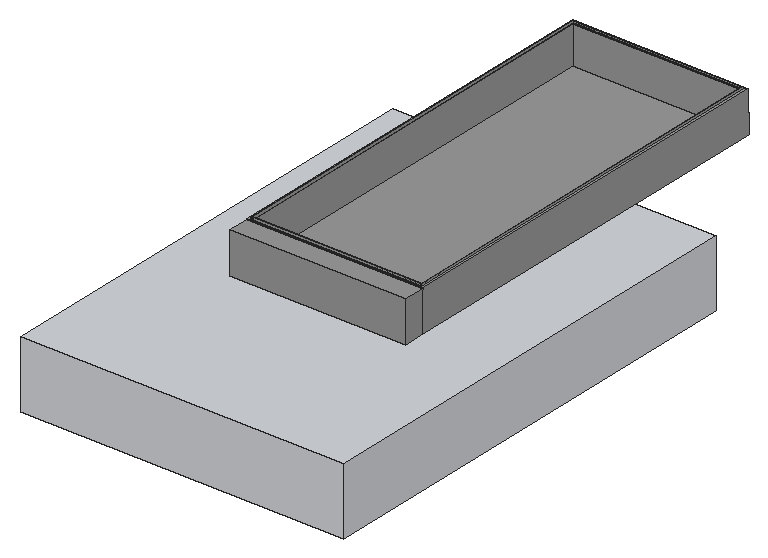
Revit family "Hager-Univers-IP30-D205-H1950-Cl.II-Encl-AT-de", category Equipement électrique, Revit 2020
Family settings
  Hôte = Face
  Configuration du panneau = Deux colonnes, circuits au sein
  Cote de connecteur circulaire = Utiliser le diamètre
  Type d'élément = Tableau de raccordement
  Couper avec des vides une fois chargée = Non
  Partagée = Non
  Point de calcul de pièce = Non
Parameters (values of type "Bodenaufstellung IP30 B800 H1950 T205  - FP23S1N")
  Width Control [instance] = if([EF000008 - Breite] > Min Width, [EF000008 - Breite], Min Width)  # 800 mm
  Commentaires du type = [HG000003 - Bereich]  # "Univers"
  Thickness Door [instance] = if([EF009171 - Materialstärke Tür/Deckel] > 3 mm, 3 mm, [EF009171 - Materialstärke Tür/Deckel])  # 1 mm
  Seal Frame Offset [instance] = 17 mm  # constant formula
  Plinth Visibility [instance] = [HG000027 - Sockelhöhe] > 0 mm  # yes
  Model = ""
  Min Width [instance] = 100 mm  # constant formula
  Min Height [instance] = 100 mm  # constant formula
  Min Depth [instance] = (2 * [EF009170 - Materialstärke Gehäuse]) + 1 mm  # 3 mm
  Internal Frame Depth [instance] = (Door System Depth * 0.5)  # 9 mm
  Height Control [instance] = if([EF000040 - Höhe] > Min Height, [EF000040 - Höhe], Min Height)  # 1950 mm
  HG000027 - Sockelhöhe = 100 mm
  HG000026 - Stehend auf dem Boden = yes
  HG000024 - Höhe des unteren Teils = 800 mm
  HG000023 - Gehäuse mit doppeltem Querschnitt = no
  HG000016 - 3D-Türsichtbarkeit [instance] = yes
  HG000015 - Sichtbarkeit der Türöffnung [instance] = no
  HG000014 - Tür rechts [instance] = yes
  HG000013 - Tür links [instance] = not([HG000014 - Tür rechts])  # no
  HG000012 - Türschwenkwinkel [instance] = 30.00°
  HG000010 - Asymmetrische Türen = no
  HG000009 - Doppelflügeligen Tür = no
  HG000006 - Unterputz = no
  HG000004 - Herstellerreferenz = "FP23S1N"
  HG000003 - Bereich = "Univers"
  HG000002 - Mit tür = no
  Frame Offset Bottom [instance] = 10 mm  # constant formula
  Frame Offset [instance] = 15 mm  # constant formula
  EF015940 - Deckel mit Überdruckentlastung = no
  EF011959 - Schutzart (NEMA) = ""
  EF009554 - Anzahl der Öffnungen für Flanschplatten = 6
  Fabricant = "Hager"  # constant formula
  EF009212 - Ausführung Deckel = "EV009916 - mit Ausschnitt"
  EF009171 - Materialstärke Tür/Deckel = 1 mm
  EF009170 - Materialstärke Gehäuse = 1 mm
  EF008873 - Nennstrom (In) = 400 A
  EF007800 - Geeignet für Blitzschutz = no
  EF006306 - Mit Schloss = no
  EF006244 - Transparenter Deckel/Tür = no
  EF005474 - Schutzart (IP) = "EV006410 - IP30"
  EF004464 - Art der Tür = "EV000494 - ohne"
  EF004427 - Anzahl der Module = 432
  EF004293 - Schlagfestigkeit = "EV006813 - IK07"
  EF003532 - Geeignet für Außengebrauch = no
  EF002950 - Breite in Teilungseinheiten = 36
  EF001613 - Funktionserhalt = "EV000494 - ohne"
  EF001596 - Werkstoff des Gehäuses = "EV000179 - Stahl"
  EF001131 - Innentiefe = 130 mm
  EF001088 - Anbaumöglichkeit = yes
  EF000437 - Anzahl der Leitungseinführungen = 6
  EF000339 - Art der Abdeckung = "EV000494 - ohne"
  EF000266 - Anzahl der Reihen = 12
  EF000218 - Einbautiefe = 0 mm
  EF000118 - Mit Montageplatte = no
  EF000116 - RAL-Nummer = "9010"
  EF000049 - Tiefe = 205 mm
  EF000040 - Höhe = 1950 mm
  EF000008 - Breite = 800 mm
  EF000007 - Farbe = "EV000202 - weiß"
  EF000003 - Montageart = "EV012274 - Bodenaufstellung"
  Door System Leaf Tolerance [instance] = 1.5 mm  # constant formula
  Door System Depth [instance] = 18 mm  # constant formula
  Door Height [instance] = Height Control - [HG000027 - Sockelhöhe]  # 1850 mm
  Depth Control [instance] = if([EF000049 - Tiefe] > Min Depth, [EF000049 - Tiefe], Min Depth)  # 205 mm
  Default Elevation = 0 mm
  Connector Offset [instance] = Height Control / 2  # 975 mm
  Bottom Top Plate Trim [instance] = 1.5 mm  # constant formula
  Plinth height Ctrl [instance] = if([HG000027 - Sockelhöhe] > 0 mm, [HG000027 - Sockelhöhe], 12 mm)  # 100 mm
Types (5, lengths in mm): name | Width Control | HG000004 - Herstellerreferenz | EF009554 - Anzahl der Öffnungen für Flanschplatten | EF008873 - Nennstrom (In) | EF004427 - Anzahl der Module | EF002950 - Breite in Teilungseinheiten | EF000437 - Anzahl der Leitungseinführungen | EF000008 - Breite
  Bodenaufstellung IP30 B1050 H1950 T205  - FP24S1N | 1050 | "FP24S1N" | 8 | 400 A | 576 | 48 | 8 | 1050
  Bodenaufstellung IP30 B1300 H1950 T205  - FP25S1N | 1300 | "FP25S1N" | 10 | 400 A | 720 | 60 | 10 | 1300
  Bodenaufstellung IP30 B300 H1950 T205  - FP21S1N | 300 | "FP21S1N" | 2 | 250 A | 144 | 12 | 2 | 300
  Bodenaufstellung IP30 B550 H1950 T205  - FP22S1N | 550 | "FP22S1N" | 4 | 400 A | 288 | 24 | 4 | 550
  Bodenaufstellung IP30 B800 H1950 T205  - FP23S1N | 800 | "FP23S1N" | 6 | 400 A | 432 | 36 | 6 | 800
Reference planes
  plane 1 "Center (Front/Back)": y = 0
  plane 2: z = 0
  plane 3 "Center (Left/Right)": x = 0
  plane 4: z = 205
  plane 5: y = 101
  plane 6: y = 1025
  plane 7: y = 100
  plane 8: y = 1950
  plane 9: z = 0
  plane 10: x = -385
  plane 11: x = 385
  plane 12: x = 384
  plane 13: x = -384
  plane 14: y = 1949
  plane 15: x = -383
  plane 16: x = -400
  plane 17: x = 383
  plane 18: x = 400
  plane 19: x = 399
  plane 20: x = -399
  plane 21: y = 111
  plane 22: y = 1950
  plane 23: y = 1934
  plane 24: z = 187
  plane 25: z = 1
  plane 26: z = 186
  plane 27: z = 204
Forms (mm)
  Extrusion 1, solid
    sketch origin (0, 0, 0) x (1, 0, 0) y (0, 1, 0)
      loop
        line (-702.964, 1305) -> (-702.964, -811.445) -> (766.763, -811.445) -> (766.763, 1305) -> (-702.964, 1305)
    from 0 to -304.8
  Extrusion 2, solid, material "Hager_Steel_RAL7035_Light_Grey", visible <- "Plinth Visibility", detail levels medium+fine
    sketch origin (0, 0, 0) x (1, 0, 0) y (0, 1, 0)
      loop
        line (-400, 0) -> (400, 0) -> (400, 100) -> (-400, 100) -> (-400, 0)
    from 0 to 187
  Extrusion 3, solid, material "Hager_Steel_RAL7035_Light_Grey", detail levels medium+fine
    sketch origin (0, 0, 0) x (1, 0, 0) y (0, 1, 0)
      loop
        line (-400, 100) -> (400, 100) -> (400, 1950) -> (-400, 1950) -> (-400, 100)
    from 0 to 187
  Extrusion 4, void
    sketch origin (0, 0, 0) x (1, 0, 0) y (0, 1, 0)
      loop
        line (-399, 101) -> (399, 101) -> (399, 1949) -> (-399, 1949) -> (-399, 101)
    from 1 to 186
  Extrusion 5, void
    sketch origin (-381.607, -4572, 187) x (0, -1, 0) y (-1, 0, 0)
      loop
        line (-4683, 2.393) -> (-6506, 2.393) -> (-6506, -765.607) -> (-4683, -765.607) -> (-4683, 2.393)
    from 0 to 1 <- "EF009170 - Materialstärke Gehäuse"
  Extrusion 6, solid, material "Hager_Steel_RAL7035_Light_Grey", detail levels fine
    sketch origin (0, 0, 187) x (1, 0, 0) y (0, 1, 0)
      loop
        line (-384, 1934) -> (-384, 111) -> (384, 111) -> (384, 1934) -> (-384, 1934)
      loop
        line (-385, 110) -> (385, 110) -> (385, 1935) -> (-385, 1935) -> (-385, 110)
    from 0 to 9 <- "Internal Frame Depth"
  Extrusion 7, solid, material "Hager_Steel_RAL7035_Light_Grey", detail levels coarse
    sketch origin (0, 0, 0) x (1, 0, 0) y (0, 1, 0)
      loop
        line (-400, 0) -> (400, 0) -> (400, 1950) -> (-400, 1950) -> (-400, 0)
    from 0 to 205
  Sweep 8, void
    path in 3D
      loop
        line (-400, 100, 0) -> (400, 100, 0) -> (400, 100, 187) -> (-400, 100, 187) -> (-400, 100, 0)
    profile origin (-400, 100, 93.5) x (-1, 0, 0) y (0, -1, 0)
      loop
        line (0, 0) -> (0, 1.5) -> (-1.5, 1.5)
        arc (-1.5, 1.5) -> (-1.061, 0.439) -> (0, 0) r 1.5
Cuts and joins
  Extrusion 4, Extrusion 5 cuts Extrusion 3
  Sweep 8 cuts Extrusion 2
Lines and regions (mm)
  Masking region 1
    outline origin (0, 0, 0) x (1, 0, 0) y (0, 0, 1)
      loop
        line (-400, 205) -> (-400, 0) -> (400, 0) -> (400, 205) -> (-400, 205)
  Masking region 2, detail levels medium+fine
    outline origin (0, 140, 0) x (0, 1, 0) y (0, 0, 1)
      loop
        line (-40, 0) -> (1810, 0) -> (1810, 187) -> (-40, 187) -> (-40, 0)
  Masking region 3, not visible, detail levels medium+fine
    outline origin (0, 297.922, 0) x (0, 1, 0) y (0, 0, 1)
      loop
        line (738.578, 0) -> (778.578, 0) -> (778.578, 194)
        arc (778.578, 194) -> (775.649, 201.071) -> (768.578, 204) r 10
        line (768.578, 204) -> (738.578, 204) -> (738.578, 0)
  Masking region 4, detail levels coarse
    outline origin (0, 0, 180) x (0, 1, 0) y (0, 0, 1)
      loop
        line (0, -180) -> (1950, -180) -> (1950, 25) -> (0, 25) -> (0, -180)
  Masking region 5, visible <- "Plinth Visibility", detail levels medium+fine
    outline origin (0, 52.24, 12.345) x (0, 0, -1) y (0, 1, 0)
      loop
        line (10.845, 47.76) -> (-173.155, 47.76)
        arc (-173.155, 47.76) -> (-173.594, 46.699) -> (-174.655, 46.26) r 1.5
        line (-174.655, 46.26) -> (-174.655, -52.24) -> (12.345, -52.24) -> (12.345, 46.26)
        arc (12.345, 46.26) -> (11.285, 46.699) -> (10.845, 47.76) r 1.5
  Masking region 6, detail levels medium+fine
    outline origin (-381.607, -4572, 187) x (-1, 0, 0) y (0, -1, 0)
      loop
        line (18.393, -6522) -> (18.393, -4672) -> (-781.607, -4672) -> (-781.607, -6522) -> (18.393, -6522)
  Masking region 7, visible <- "Plinth Visibility", detail levels medium+fine
    outline origin (-381.607, -4727, 187) x (-1, 0, 0) y (0, -1, 0)
      loop
        arc (16.893, -4827) -> (17.332, -4825.939) -> (18.393, -4825.5) r 1.5
        line (18.393, -4825.5) -> (18.393, -4727) -> (-781.607, -4727) -> (-781.607, -4825.5)
        arc (-781.607, -4825.5) -> (-780.546, -4825.939) -> (-780.107, -4827) r 1.5
        line (-780.107, -4827) -> (16.893, -4827)
  Masking region 8, detail levels coarse
    outline origin (-442.548, -4669.526, 187) x (-1, 0, 0) y (0, -1, 0)
      loop
        line (-42.548, -6619.526) -> (-42.548, -4669.526) -> (-842.548, -4669.526) -> (-842.548, -6619.526) -> (-42.548, -6619.526)
  sketch lines
    curve 1: line (-400, 100, 187) -> (-400, 100, 0)
    curve 2: line (400, 100, 187) -> (-400, 100, 187)
    curve 3: line (400, 100, 187) -> (400, 100, 0)
    curve 4: line (-400, 100, 0) -> (400, 100, 0)
Dimensions and locks
  "Depth Control": plane 4 to Extrusion 1
  "HG000027 - Sockelhöhe": plane 1 "Center (Front/Back)" to plane 7
  "EF009170 - Materialstärke Gehäuse": plane 5 to plane 7
  locked: connector elem to plane 3 "Center (Left/Right)"
  equal spacing: plane 8, plane 6, plane 7
  locked: connector elem to plane 6
  "EF009170 - Materialstärke Gehäuse": plane 8 to plane 14
  "EF009170 - Materialstärke Gehäuse": plane 10 to plane 13
  "EF009170 - Materialstärke Gehäuse": plane 12 to plane 11
  "Frame Offset": plane 20 to plane 13
  "Frame Offset": plane 12 to plane 19
  "EF009170 - Materialstärke Gehäuse": plane 16 to plane 20
  "EF009170 - Materialstärke Gehäuse": plane 19 to plane 18
  "Seal Frame Offset": plane 16 to plane 15
  "Seal Frame Offset": plane 17 to plane 18
  "Frame Offset Bottom": plane 21 to plane 5
  "Frame Offset": plane 14 to plane 23
  equal spacing: plane 16, plane 3 "Center (Left/Right)", plane 18
  "Width Control": plane 16 to plane 18
  "EF009170 - Materialstärke Gehäuse": plane 4 to plane 27
  "EF009170 - Materialstärke Gehäuse": plane 24 to plane 26
  "EF009170 - Materialstärke Gehäuse": plane 25 to level
  "Door System Depth": plane 4 to plane 24
  "Height Control": plane 1 "Center (Front/Back)" to Extrusion 7 sketch curve
  "Height Control": Masking region 4 sketch curve to plane 1 "Center (Front/Back)"
  "Height Control": plane 1 "Center (Front/Back)" to plane 22
  "Bottom Top Plate Trim": profile plane to Sweep 8 sketch curve
  "Bottom Top Plate Trim": Sweep 8 sketch curve to profile plane
  "Plinth height Ctrl": plane 1 "Center (Front/Back)" to Extrusion 2 sketch curve
  "Plinth height Ctrl": Masking region 5 sketch curve to plane 1 "Center (Front/Back)"
  "Plinth height Ctrl": plane 1 "Center (Front/Back)" to Masking region 7 sketch curve
  "Thickness Door": Extrusion 6 sketch curve to Extrusion 6 sketch curve  (x3)
  "Thickness Door": cut or joined group of Extrusion 3, Extrusion 4, Extrusion 5 to Extrusion 6 sketch curve
  radius of Masking region 3 sketch curve = 10 mm
  "Bottom Top Plate Trim": radius of Masking region 5 sketch curve  (x2)
  "Bottom Top Plate Trim": radius of Sweep 8 sketch curve
  "Bottom Top Plate Trim": radius of Masking region 7 sketch curve  (x2)
  aligned and locked: plane 2 to Extrusion 1
  aligned and locked: level to Extrusion 1
  aligned and locked: level to Masking region 1 sketch curve
  aligned and locked: Masking region 1 sketch curve to plane 18
  aligned and locked: Masking region 1 sketch curve to plane 16
  aligned and locked: plane 7 to Masking region 2 sketch curve
  aligned and locked: level to Masking region 3 sketch curve
  aligned and locked: Masking region 3 sketch curve to plane 27
  aligned and locked: level to Masking region 2 sketch curve
  aligned and locked: plane 1 "Center (Front/Back)" to Extrusion 2 sketch curve
  aligned and locked: Extrusion 3 sketch curve to plane 7
  aligned and locked: plane 16 to Extrusion 3 sketch curve
  aligned and locked: plane 18 to Extrusion 3 sketch curve
  aligned and locked: plane 20 to Extrusion 4 sketch curve
  aligned and locked: plane 19 to Extrusion 4 sketch curve
  aligned and locked: Extrusion 4 sketch curve to plane 5
  aligned and locked: Extrusion 4 to plane 25
  aligned and locked: plane 26 to Extrusion 4
  aligned and locked: plane 24 to Extrusion 3
  aligned and locked: Extrusion 5 sketch curve to plane 21
  aligned and locked: Extrusion 5 sketch curve to plane 13
  aligned and locked: Extrusion 5 sketch curve to plane 12
  aligned and locked: plane 18 to Extrusion 7 sketch curve
  aligned and locked: plane 1 "Center (Front/Back)" to Extrusion 7 sketch curve
  aligned and locked: plane 16 to Extrusion 7 sketch curve
  aligned and locked: plane 4 to Extrusion 7
  aligned and locked: Extrusion 7 to level
  aligned and locked: level to Masking region 4 sketch curve
  aligned and locked: Masking region 4 sketch curve to plane 1 "Center (Front/Back)"
  aligned and locked: Masking region 4 sketch curve to plane 4
  aligned and locked: nested 1 to level
  aligned and locked: nested 1 to plane 16
  aligned and locked: plane 8 to Extrusion 3 sketch curve
  aligned and locked: plane 23 to Extrusion 5 sketch curve
  aligned and locked: plane 14 to Extrusion 4 sketch curve
  aligned and locked: Masking region 2 sketch curve to plane 8
  aligned and locked: level to Masking region 5 sketch curve
  aligned and locked: plane 16 to Extrusion 2 sketch curve
  aligned and locked: plane 18 to Extrusion 2 sketch curve
  aligned and locked: Masking region 5 sketch curve to plane 24
  aligned and locked: Masking region 2 sketch curve to plane 24
  aligned and locked: plane 24 to Extrusion 2
  aligned and locked: profile plane to Sweep 8 sketch curve  (x2)
  aligned and locked: Masking region 6 sketch curve to plane 18
  aligned and locked: Masking region 6 sketch curve to plane 22
  aligned and locked: Masking region 6 sketch curve to plane 16
  aligned and locked: plane 8 to plane 22
  aligned and locked: Masking region 6 sketch curve to plane 7
  aligned and locked: Masking region 7 sketch curve to plane 16
  aligned and locked: Masking region 7 sketch curve to plane 1 "Center (Front/Back)"
  aligned and locked: Masking region 7 sketch curve to plane 18
  aligned and locked: Masking region 8 sketch curve to plane 1 "Center (Front/Back)"
  aligned and locked: Masking region 8 sketch curve to plane 18
  aligned and locked: Masking region 8 sketch curve to plane 22
  aligned and locked: Masking region 8 sketch curve to plane 16
  aligned and locked: nested 2 to plane 7
  aligned and locked: plane 3 "Center (Left/Right)" to nested 2
  aligned and locked: nested 2 to plane 24
  aligned and locked: Extrusion 6 sketch curve to cut or joined group of Extrusion 3, Extrusion 4, Extrusion 5  (x4)
Automatic sketch dimensions
  Extrusion 1 sketch curve to Extrusion 1 sketch curve = 1469.727 mm
  Extrusion 1 sketch curve to Extrusion 1 sketch curve = 2116.445 mm
  Masking region 1 sketch curve to plane 4 = 0 mm
  plane 6 to Masking region 3 sketch curve = 11.5 mm
  Masking region 3 sketch curve to Masking region 3 sketch curve = 30 mm
  Masking region 5 sketch curve to plane 1 "Center (Front/Back)" = 0 mm
Nested families
  nested 1: "Hager_Enclosure_Symbol" at (-400, 0, 0) x (1, 0, 0) z (0, -1, 0), Height <- "Depth Control", Width <- "Width Control", type "Hager_Enclosure_Symbol"
    with Width_Ctrl 800 mm, Width 800 mm, Height_Ctrl 205 mm, Height 205 mm, A_Width_Int 13.453 mm, A_Width 161.438 mm, A_Height_Ctrl 179.375 mm, A_Height 179.375 mm
  nested 2: "EC000058_Univers_Door" at (0, 100, 187) x (1, 0, 0) z (0, 1, 0), Leaf_Tolerance <- "Door System Leaf Tolerance", Angle <- "HG000012 - Türschwenkwinkel", Door_Depth <- "Door System Depth", Door_Left <- "HG000013 - Tür links", Transparent <- "EF006244 - Transparenter Deckel/Tür", Assymetrical <- "HG000010 - Asymmetrische Türen", Width <- "Width Control", Clearance <- "HG000015 - Sichtbarkeit der Türöffnung", Double <- "HG000009 - Doppelflügeligen Tür", 3d_Door <- "HG000016 - 3D-Türsichtbarkeit", Lock_Visibility <- "EF006306 - Mit Schloss", Width_Ctrl <- "Width Control", Door_Right <- "HG000014 - Tür rechts", Door <- "HG000002 - Mit tür", Height <- "Door Height", Thickness <- "Thickness Door", type "EC000058_Univers_Door", detail levels medium+fine
    with min_wh 3 mm, Width_Ctrl 800 mm, Width 800 mm, Transparent no, Thickness 1 mm, Seal_Material Hager_Rubber, Lock_Visibility no, Lock_Material Hager_Plastic_RAL9005_Jet_Black, Leaf_Width 800 mm, Leaf_Tolerance_External_Sides 0 mm, Leaf_Tolerance 1.5 mm, Leaf_Offset 0 mm, Leaf_Height 1847 mm, Leaf_2_Width 800 mm, Leaf_2_Offset 400 mm, Leaf_1_Width 800 mm, Leaf_1_Offset 400 mm, Height_Ctrl 1850 mm, Height 1850 mm, Glass_Material Hager_Glass, Double_Clearance_Ctrl no, Double no, Door_Right_Ctrl no, Door_Right yes, Door_Material Hager_Steel_RAL7035_Light_Grey, Door_Left_Ctrl no, Door_Left no, Door_Depth 18 mm, Door no, Clearance_Material Hager_Clearance, Clearance_Depth 800 mm, Clearance_Ctrl no, Clearance no, Assymetrical no, Angle 30.00°, 3d_Door yes
Connectors
  electrical at (0, 1025, 0)
    settings: on plane 9, index 1, voltage 0 V, apparent load 0 VA, apparent load phase1 0 VA, apparent load phase2 0 VA, apparent load phase3 0 VA, power factor 1, load classification "Other", number of poles 1, system type 30, power factor state 1, is connector primary yes, connector utility no, sub classification motor no, connector description ""
Definition of nested family "Hager_Enclosure_Symbol"
  Parameters (values of type "Hager_Enclosure_Symbol")
    Width_Ctrl [instance] = if(Width > 1 mm, Width, 1 mm)  # 102.27 mm
    Width [instance] = 102.27 mm
    Height_Ctrl [instance] = if(Height > 1 mm, Height, 1 mm)  # 66.5 mm
    A_Width_Int [instance] = if(A_Width / 12 > 2 mm, A_Width / 12, 2 mm)  # 4.364 mm
    A_Width [instance] = if(A_Height_Ctrl * 0.9 > 2 mm, A_Height_Ctrl * 0.9, 2 mm)  # 52.369 mm
    A_Height_Ctrl [instance] = if(A_Height > 2 mm, A_Height, 2 mm)  # 58.188 mm
    Height [instance] = 66.5 mm
    A_Height [instance] = Height - (Height / 8)  # 58.188 mm
  Reference planes
    plane 1 "Centre (avant/arrière)": y = 0
    plane 2: z = 0
    plane 3 "Centre (gauche/droite)": x = 0
    plane 4: x = 52.369
    plane 5: y = 33.042
    plane 6: y = 41.77
    plane 7: y = 66.5
    plane 8: x = 26.184
    plane 9: y = 37.406
    plane 10: x = 102.27
    plane 11: y = 66.5
    plane 12: y = 8.313
  Lines and regions (mm)
    Filled region 1, type "Solid_Black", in view "Niveau de réf."
      outline origin (0, 0, 0) x (1, 0, 0) y (0, 1, 0)
        loop
          line (52.369, 66.5) -> (33.188, 54.536) -> (45.365, 45.006) -> (52.369, 66.5)
    Filled region 2, type "Solid_Black", in view "Niveau de réf."
      outline origin (0, 0, 0) x (1, 0, 0) y (0, 1, 0)
        loop
          line (0, 0) -> (102.27, 0) -> (102.27, 66.5) -> (0, 0)
    detail lines, in view "Niveau de réf."
      curve 1: line (0, 8.313, 0) -> (26.184, 41.77, 0)
      curve 2: line (26.184, 41.77, 0) -> (26.184, 33.042, 0)
      curve 3: line (26.184, 33.042, 0) -> (52.369, 66.5, 0)
  Dimensions and locks
    "A_Width": plane 3 "Centre (gauche/droite)" to plane 4
    equal spacing: plane 3 "Centre (gauche/droite)", plane 8, plane 4
    equal spacing: plane 6, plane 9, plane 5
    equal spacing: curve 3, Filled region 1 sketch curve, Filled region 1 sketch curve
    "Height_Ctrl": plane 1 "Centre (avant/arrière)" to plane 11
    "A_Height_Ctrl": plane 11 to plane 12
    equal spacing: plane 11, plane 9, plane 12
    "A_Width_Int": plane 6 to plane 9
    "Width_Ctrl": plane 3 "Centre (gauche/droite)" to plane 10
    angle Filled region 1 sketch curve to curve 3 = 20.00°
    angle curve 3 to Filled region 1 sketch curve = 20.00°
    locked: curve 3 to Filled region 1 sketch curve (angle 90.00°)
    aligned and locked: plane 10 to Filled region 2
    aligned and locked: plane 11 to Filled region 2 sketch curve
    aligned and locked: plane 10 to Filled region 2 sketch curve
    aligned and locked: plane 3 "Centre (gauche/droite)" to curve 1
    aligned and locked: plane 12 to curve 1
    aligned and locked: plane 7 to plane 11
  Automatic sketch dimensions
    Filled region 1 sketch curve to plane 4 = 0 mm
    Filled region 1 sketch curve to plane 7 = 0 mm
    plane 1 "Centre (avant/arrière)" to Filled region 2 sketch curve = 0 mm
    Filled region 2 sketch curve to plane 3 "Centre (gauche/droite)" = 0 mm
    curve 2 to plane 6 = 0 mm
    curve 2 to plane 8 = 0 mm
    curve 3 to plane 4 = 0 mm
    curve 2 to plane 5 = 0 mm
    curve 3 to plane 7 = 0 mm
Definition of nested family "EC000058_Univers_Door"
  Parameters (values of type "EC000058_Univers_Door")
    min_wh [instance] = (2 * Thickness) + 1 mm  # 11 mm
    Width_Ctrl [instance] = 400 mm
    Width [instance] = 500 mm
    Transparent [instance] = yes
    Thickness [instance] = 5 mm
    Seal_Material [instance] = none
    Lock_Visibility [instance] = yes
    Lock_Material [instance] = none
    Leaf_Width [instance] = if((Width_Ctrl - 2 * Leaf_Tolerance_External_Sides) > 0 mm, (Width_Ctrl - 2 * Leaf_Tolerance_External_Sides), min_wh)  # 400 mm
    Leaf_Tolerance_External_Sides [instance] = 0 mm  # constant formula
    Leaf_Tolerance [instance] = 1.5 mm
    Leaf_Offset [instance] = 0 mm  # constant formula
    Leaf_Height [instance] = if((Height_Ctrl - 2 * Leaf_Tolerance) > 0 mm, (Height_Ctrl - 2 * Leaf_Tolerance), min_wh)  # 497 mm
    Leaf_2_Width [instance] = if(and(and(Double, Assymetrical), Door_Left), (Leaf_Width / 3) - (Leaf_Tolerance / 2), if(and(and(Double, Assymetrical), Door_Right), (Leaf_Width / 3) * 2 - (Leaf_Tolerance / 2), if(and(Double, not(Assymetrical)), (Leaf_Width / 2) - Leaf_Tolerance, Leaf_Width)))  # 400 mm
    Leaf_2_Offset [instance] = if(and(Double, Assymetrical), Leaf_2_Width / 2, if(and(Double, not(Assymetrical)), Leaf_Width / 4, Leaf_Width / 2))  # 200 mm
    Leaf_1_Width [instance] = if(and(and(Double, Assymetrical), Door_Right), (Leaf_Width / 3) - (Leaf_Tolerance / 2), if(and(and(Double, Assymetrical), Door_Left), (Width / 3) * 2 - (Leaf_Tolerance / 2), if(and(Double, not(Assymetrical)), (Leaf_Width / 2) - Leaf_Tolerance, Leaf_Width)))  # 400 mm
    Leaf_1_Offset [instance] = if(and(Double, Assymetrical), Leaf_1_Width / 2, if(and(Double, not(Assymetrical)), Leaf_Width / 4, Leaf_Width / 2))  # 200 mm
    Height_Ctrl [instance] = if(Height > min_wh, Height, min_wh)  # 500 mm
    Height [instance] = 500 mm
    Glass_Material [instance] = none
    Double_Clearance_Ctrl [instance] = and(Double, Clearance)  # no
    Double [instance] = no
    Door_Right_Ctrl [instance] = and(or(Door_Right, Double), Door)  # yes
    Door_Right [instance] = yes
    Door_Material [instance] = none
    Door_Left_Ctrl [instance] = and(or(Door_Left, Double), Door)  # no
    Door_Left [instance] = no
    Door_Depth [instance] = 30 mm
    Door [instance] = yes
    Default Elevation = 1219.2 mm
    Clearance_Material [instance] = none
    Clearance_Depth [instance] = if(Leaf_1_Width > Leaf_2_Width, Leaf_1_Width, Leaf_2_Width)  # 400 mm
    Clearance_Ctrl [instance] = and(not(Double), Clearance)  # yes
    Clearance [instance] = yes
    Assymetrical [instance] = yes
    Angle [instance] = 30.00°
    3d_Door [instance] = yes
  Reference planes
    plane 1 "Center (Front/Back)": y = 0
    plane 2 "Bottom": z = 0
    plane 3 "Center (Left/Right)": x = 0
    plane 4: z = 500
    plane 5: x = -200
    plane 6: x = 200
    plane 7: z = 500
    plane 8: x = -200
    plane 9: z = 0
    plane 10: x = 200
    plane 11: y = 0
    plane 12: z = 1.5
    plane 13: x = -600
    plane 14: y = -400
    plane 15: x = 600
    plane 16: x = 0
    plane 17: x = 0
    plane 18: x = -200
    plane 19: x = 200
    plane 20: z = 498.5
  Forms (mm)
    Extrusion 1, solid, material <- "Clearance_Material", visible <- "Double_Clearance_Ctrl"
      sketch origin (1200, 0, 0) x (1, 0, 0) y (0, 0, -1)
        loop
          line (-1800, -498.5) -> (-600, -498.5) -> (-600, 0) -> (-1800, 0) -> (-1800, -498.5)
      from 0 to -400
  Dimensions and locks
    equal spacing: plane 5, plane 3 "Center (Left/Right)", plane 6
    "Width_Ctrl": plane 5 to plane 6
    "Leaf_Offset": plane 5 to plane 8
    "Leaf_Offset": plane 6 to plane 10
    "Leaf_Offset": plane 9 to level
    "Leaf_Offset": plane 4 to plane 7
    "Height_Ctrl": plane 4 to level
    "Leaf_Tolerance": plane 12 to plane 9
    locked: plane 11 to plane 1 "Center (Front/Back)"
    "Leaf_1_Offset": plane 18 to plane 16
    "Leaf_2_Offset": plane 17 to plane 19
    "Leaf_1_Width": plane 13 to plane 8
    "Leaf_2_Width": plane 10 to plane 15
    "Clearance_Depth": plane 14 to plane 1 "Center (Front/Back)"
    "Leaf_Tolerance_External_Sides": plane 8 to plane 18
    "Leaf_Tolerance_External_Sides": plane 19 to plane 10
    "Leaf_Tolerance": plane 7 to plane 20
    aligned and locked: level to plane 2 "Bottom"
    aligned and locked: nested 1 to plane 16
    aligned and locked: nested 2 to plane 17
    aligned and locked: Extrusion 1 to plane 13
    aligned and locked: plane 15 to Extrusion 1
    aligned and locked: Extrusion 1 to plane 14
    aligned and locked: plane 12 to nested 1
    aligned and locked: nested 2 to plane 12
    aligned and locked: Extrusion 1 to plane 11
    aligned and locked: plane 20 to Extrusion 1
    aligned and locked: nested 2 to plane 11
    aligned and locked: nested 1 to plane 11
  Automatic sketch dimensions
    Extrusion 1 sketch curve to level = 0 mm
    plane 5 to Extrusion 1 sketch curve = 400 mm
    plane 6 to Extrusion 1 sketch curve = 400 mm
    Extrusion 1 sketch curve to plane 4 = 1.5 mm
  Nested families
    nested 1: "EC000058_Univers_Door_Leaf" at (0, 0, 1.5), Width <- "Leaf_1_Width", visible <- "Door_Left_Ctrl", Leaf_Height <- "Leaf_Height", Angle <- "Angle", 3d_Door <- "3d_Door", Transparent <- "Transparent", Clearance Material <- "Clearance_Material", Clearance <- "Clearance_Ctrl", Door_Material <- "Door_Material", Glass_Material <- "Glass_Material", Door_Depth <- "Door_Depth", Lock_Material <- "Lock_Material", Seal_Material <- "Seal_Material", Lock_Visibility <- "Lock_Visibility", Thickness <- "Thickness", type "EC000058_Univers_Door_Leaf"
      with Width 400 mm, Transparent_Glass_Offset 30 mm, Transparent_Ctrl yes, Transparent yes, Thickness 5 mm, Standard no, Seal_Material none, Seal_D2 8 mm, Seal_D1 1 mm, Offset_Internal_Frame 10 mm, Lock_Width 20 mm, Lock_Visibility_3d yes, Lock_Visibility yes, Lock_Thickness_3 3 mm, Lock_Thickness_2 1 mm, Lock_Thickness_1 3 mm, Lock_Radius_Offset_2 16 mm, Lock_Radius_Offset_1 15 mm, Lock_Radius_2 5 mm, Lock_Radius 6 mm, Lock_Offset 5 mm, Lock_Material none, Lock_Height 80 mm, Lock_Cover_Top_Offset_2d 17 mm, Lock_Cover_Height -65 mm, Leaf_Height 497 mm, Internal_Seal_Thickness 8 mm, Internal_Seal_Depth_2 4.5 mm, Internal_Frame_Depth 25 mm, Glass_Thickness -1 mm, Glass_Offset -2 mm, Glass_Material none, Door_Material none, Door_Depth 30 mm, Clearance Material none, Clearance yes, Angle_Ctrl 30.00°, Angle 30.00°, 3d_Door yes
    nested 2: "EC000058_Univers_Door_Leaf" at (0, 0, 1.5) x (-1, 0, 0) z (0, 0, 1), Width <- "Leaf_2_Width", visible <- "Door_Right_Ctrl", Leaf_Height <- "Leaf_Height", Angle <- "Angle", 3d_Door <- "3d_Door", Transparent <- "Transparent", Clearance Material <- "Clearance_Material", Clearance <- "Clearance_Ctrl", Door_Material <- "Door_Material", Glass_Material <- "Glass_Material", Door_Depth <- "Door_Depth", Lock_Material <- "Lock_Material", Seal_Material <- "Seal_Material", Lock_Visibility <- "Lock_Visibility", Thickness <- "Thickness", type "EC000058_Univers_Door_Leaf"
      with Width 400 mm, Transparent_Glass_Offset 30 mm, Transparent_Ctrl yes, Transparent yes, Thickness 5 mm, Standard no, Seal_Material none, Seal_D2 8 mm, Seal_D1 1 mm, Offset_Internal_Frame 10 mm, Lock_Width 20 mm, Lock_Visibility_3d yes, Lock_Visibility yes, Lock_Thickness_3 3 mm, Lock_Thickness_2 1 mm, Lock_Thickness_1 3 mm, Lock_Radius_Offset_2 16 mm, Lock_Radius_Offset_1 15 mm, Lock_Radius_2 5 mm, Lock_Radius 6 mm, Lock_Offset 5 mm, Lock_Material none, Lock_Height 80 mm, Lock_Cover_Top_Offset_2d 17 mm, Lock_Cover_Height -65 mm, Leaf_Height 497 mm, Internal_Seal_Thickness 8 mm, Internal_Seal_Depth_2 4.5 mm, Internal_Frame_Depth 25 mm, Glass_Thickness -1 mm, Glass_Offset -2 mm, Glass_Material none, Door_Material none, Door_Depth 30 mm, Clearance Material none, Clearance yes, Angle_Ctrl 30.00°, Angle 30.00°, 3d_Door yes
  Definition of nested family "EC000058_Univers_Door_Leaf"
    Parameters (values of type "EC000058_Univers_Door_Leaf")
      Width [instance] = 2000 mm
      Transparent_Glass_Offset [instance] = 30 mm
      Transparent_Ctrl [instance] = and(Transparent, [3d_Door])  # yes
      Transparent [instance] = yes
      Thickness [instance] = 5 mm
      Standard [instance] = and(not(Transparent), [3d_Door])  # no
      Seal_Material [instance] = none
      Seal_D2 [instance] = 8 mm  # constant formula
      Seal_D1 [instance] = 1 mm  # constant formula
      Offset_Internal_Frame [instance] = 10 mm  # constant formula
      Lock_Width [instance] = 20 mm  # constant formula
      Lock_Visibility_3d [instance] = and(Lock_Visibility, [3d_Door])  # yes
      Lock_Visibility [instance] = yes
      Lock_Thickness_3 [instance] = 3 mm  # constant formula
      Lock_Thickness_2 [instance] = 1 mm  # constant formula
      Lock_Thickness_1 [instance] = 3 mm  # constant formula
      Lock_Radius_Offset_2 [instance] = Lock_Radius_Offset_1 + 1 mm  # 16 mm
      Lock_Radius_Offset_1 [instance] = 15 mm  # constant formula
      Lock_Radius_2 [instance] = Lock_Radius - 1 mm  # 5 mm
      Lock_Radius [instance] = 6 mm  # constant formula
      Lock_Offset [instance] = 5 mm  # constant formula
      Lock_Material [instance] = none
      Lock_Height [instance] = 80 mm  # constant formula
      Lock_Cover_Top_Offset_2d [instance] = Lock_Radius_Offset_2 + 1 mm  # 17 mm
      Lock_Cover_Height [instance] = -(Lock_Height - Lock_Radius_Offset_1)  # -65 mm
      Leaf_Height [instance] = 2720.336 mm
      Internal_Seal_Thickness [instance] = 8 mm  # constant formula
      Internal_Seal_Depth_2 [instance] = 4.5 mm  # constant formula
      Internal_Frame_Depth [instance] = if(Door_Depth - Thickness > 5 mm, Door_Depth - Thickness, 5 mm)  # 25 mm
      Glass_Thickness [instance] = if(Thickness > 15 mm, Glass_Offset + 10 mm, -1 mm)  # -1 mm
      Glass_Offset [instance] = if(Thickness > 15 mm, -(Thickness + 10 mm) / 2, -2 mm)  # -2 mm
      Glass_Material [instance] = none
      Door_Material [instance] = none
      Door_Depth [instance] = 30 mm
      Default Elevation = 0 mm
      Clearance Material [instance] = none
      Clearance [instance] = yes
      Angle_Ctrl [instance] = if(Angle > 180.00°, 180.00°, Angle)  # 90.00°
      Angle [instance] = 90.00°
      3d_Door [instance] = yes
    Reference planes
      plane 1 "Center (Front/Back)": y = 0
      plane 2: z = 0
      plane 3 "Center (Left/Right)": x = 0
      plane 4: y = 2000
      plane 5: x = -1000
      plane 6: x = 1000
      plane 7: x = -3000
      plane 8: z = 2720.336
      plane 9: z = 30
      plane 10: z = 2690.336
      plane 11: x = 970
      plane 12: x = -970
      plane 13: y = -3
      plane 14: z = 107.833
      plane 15: y = -5
      plane 16: y = -223.314
      plane 17: x = -1000
      plane 18: z = 1360.168
      plane 19: y = 30
    Forms (mm)
      Extrusion 1, solid, material <- "Clearance Material", visible <- "Clearance"
        sketch origin (0, 0, 0) x (1, 0, 0) y (0, 0, 1)
          loop
            line (-3000, 2720.336) -> (-3000, 0) -> (1000, 0) -> (1000, 2720.336) -> (-3000, 2720.336)
        from 0 to -2000
      Extrusion 2, solid, material <- "Door_Material", visible <- "Standard", detail levels medium+fine
        sketch origin (-1000, 0, 0) x (0, 1, 0) y (-1, 0, 0)
          loop
            line (0, 30) -> (0, 25) -> (2000, 25) -> (2000, 30) -> (0, 30)
        from 0 to 2720.336 <- "Leaf_Height"
      Extrusion 3, solid, material <- "Door_Material", visible <- "Transparent_Ctrl", detail levels medium+fine
        sketch origin (-1000, 0, 0) x (0, 1, 0) y (-1, 0, 0)
          loop
            line (0, 25) -> (2000, 25) -> (2000, 30) -> (0, 30) -> (0, 25)
        from 0 to 2720.336 <- "Leaf_Height"
      Extrusion 4, void
        sketch origin (-1025, 2000, 0) x (0, 1, 0) y (0, 0, -1)
          loop
            line (-30, -2690.336) -> (-30, -30) -> (-1970, -30) -> (-1970, -2690.336) -> (-30, -2690.336)
        from 0 to 5 <- "Thickness"
      Sweep 5, solid, material <- "Seal_Material", visible <- "Transparent_Ctrl", detail levels fine
        path in 3D
          loop
            line (-1025, 30, 30) -> (-1025, 30, 2690.336) -> (-1025, 1970, 2690.336) -> (-1025, 1970, 30) -> (-1025, 30, 30)
        profile origin (-1025, 1000, 30) x (1, 0, 0) y (0, 0, 1)
          loop
            line (0, 0) -> (0, -8) -> (1, -8) -> (1, 0) -> (0, 0)
      Extrusion 6, solid, material <- "Glass_Material", visible <- "Transparent_Ctrl", detail levels medium+fine
        sketch origin (-1030, 0, 0) x (0, 1, 0) y (0, 0, -1)
          loop
            line (1970, -2690.336) -> (1970, -30) -> (30, -30) -> (30, -2690.336) -> (1970, -2690.336)
        from -2 <- "Glass_Offset" to -1 <- "Glass_Thickness"
      Extrusion 7, solid, material <- "Door_Material", visible <- "3d_Door", detail levels medium+fine
        sketch origin (-1025, 2000, 0) x (0, -1, 0) y (0, 0, -1)
          loop
            line (0, -2720.336) -> (2000, -2720.336) -> (2000, 0) -> (0, 0) -> (0, -2720.336)
          loop
            line (1995, -5) -> (5, -5) -> (5, -2715.336) -> (1995, -2715.336) -> (1995, -5)
        from 0 to 25 <- "Internal_Frame_Depth"
      Sweep 8, solid, material <- "Seal_Material", visible <- "Transparent_Ctrl", detail levels fine
        path in 3D
          loop
            line (-1025, 0, 0) -> (-1025, 2000, 0) -> (-1025, 2000, 2720.336) -> (-1025, 0, 2720.336) -> (-1025, 0, 0)
        profile origin (-1025, 0, 1360.168) x (1, 0, 0) y (0, 1, 0)
          loop
            line (0, 10) -> (2.975, 10)
            arc (2.975, 10) -> (4.053, 10.447) -> (4.5, 11.525) r 1.525
            line (4.5, 11.525) -> (4.5, 16.527)
            arc (4.5, 16.527) -> (4.069, 17.569) -> (3.027, 18) r 1.473
            line (3.027, 18) -> (0, 18) -> (0, 10)
      Extrusion 9, solid, material <- "Lock_Material", visible <- "Lock_Visibility_3d", detail levels fine
        sketch origin (-1030, 0, 0) x (0, 1, 0) y (0, 0, -1)
          loop
            arc (1993.5, -1400.168) -> (1994.561, -1399.729) -> (1995, -1398.668) r 1.5
            line (1995, -1398.668) -> (1995, -1320.168) -> (1975, -1320.168) -> (1975, -1398.668)
            arc (1975, -1398.668) -> (1975.439, -1399.729) -> (1976.5, -1400.168) r 1.5
            line (1976.5, -1400.168) -> (1993.5, -1400.168)
        from 3 <- "Lock_Thickness_1" to 0
      Blend 10, solid, material <- "Lock_Material", visible <- "Lock_Visibility_3d", detail levels fine
        base sketch origin (-1033, 0, 0) x (0, 1, 0) y (0, 0, -1)
          loop
            line (1975, -1320.168) -> (1975, -1398.668)
            arc (1975, -1398.668) -> (1975.439, -1399.729) -> (1976.5, -1400.168) r 1.5
            line (1976.5, -1400.168) -> (1993.5, -1400.168)
            arc (1993.5, -1400.168) -> (1994.561, -1399.729) -> (1995, -1398.668) r 1.5
            line (1995, -1398.668) -> (1995, -1320.168) -> (1975, -1320.168)
        top sketch origin (-1033, 0, 0) x (0, 1, 0) y (0, 0, -1)
          loop
            line (1976, -1320.168) -> (1976, -1398.668)
            arc (1976, -1398.668) -> (1976.146, -1399.022) -> (1976.5, -1399.168) r 0.5
            line (1976.5, -1399.168) -> (1993.5, -1399.168)
            arc (1993.5, -1399.168) -> (1993.854, -1399.022) -> (1994, -1398.668) r 0.5
            line (1994, -1398.668) -> (1994, -1320.168) -> (1976, -1320.168)
        from 0 to 1 <- "Lock_Thickness_2"
      Blend 11, solid, material <- "Lock_Material", visible <- "Lock_Visibility_3d", detail levels fine
        base sketch origin (-1034, 0, 0) x (0, 1, 0) y (0, 0, -1)
          loop
            line (1978, -1320.168) -> (1978, -1384.168)
            arc (1978, -1384.168) -> (1985, -1391.168) -> (1992, -1384.168) r 7
            line (1992, -1384.168) -> (1992, -1320.168) -> (1978, -1320.168)
        top sketch origin (-1034, 0, 0) x (0, 1, 0) y (0, 0, -1)
          loop
            line (1991, -1320.168) -> (1979, -1320.168) -> (1979, -1383.168)
            arc (1979, -1383.168) -> (1985, -1389.168) -> (1991, -1383.168) r 6
            line (1991, -1383.168) -> (1991, -1320.168)
        from 0 to 3 <- "Lock_Thickness_3"
      Extrusion 12, solid, material <- "Lock_Material", visible <- "Lock_Visibility_3d", detail levels fine
        sketch origin (-1030, 1975, 1320.168) x (1, 0, 0) y (0, -1, 0)
          loop
            line (-7, -19) -> (-7, -1) -> (0, -1) -> (0, 0) -> (-8, 0) -> (-8, -20) -> (0, -20) -> (0, -19) -> (-7, -19)
        from 0 to -65 <- "Lock_Cover_Height"
      Extrusion 13, void
        sketch origin (-1038, 1995, 1320.168) x (-1, 0, 0) y (0, 0, -1)
          loop
            line (-5, -65) -> (0, -65) -> (-5, -60) -> (-5, -65)
        from 0 to 20 <- "Lock_Width"
      Extrusion 14, void
        sketch origin (-1038, 1975, 1320.168) x (0, -1, 0) y (0, 0, -1)
          loop
            circle (-10, -15.995) r 6
          loop
            circle (-10, -15.995) r 5
        from 0 to 2
      Extrusion 15, solid, material <- "Lock_Material", visible <- "Lock_Visibility_3d", detail levels medium
        sketch origin (-1030, 0, 0) x (0, 1, 0) y (0, 0, -1)
          loop
            arc (1993.5, -1400.168) -> (1994.561, -1399.729) -> (1995, -1398.668) r 1.5
            line (1995, -1398.668) -> (1995, -1320.168) -> (1975, -1320.168) -> (1975, -1398.668)
            arc (1975, -1398.668) -> (1975.439, -1399.729) -> (1976.5, -1400.168) r 1.5
            line (1976.5, -1400.168) -> (1993.5, -1400.168)
        from 8 to 0
    Cuts and joins
      Extrusion 4 cuts Extrusion 3
      Extrusion 13, Extrusion 14 cuts Extrusion 9
      Extrusion 14 cuts Blend 11
      Extrusion 13, Extrusion 14 cuts Extrusion 12
      joined: Extrusion 9, Blend 10, Blend 11, Extrusion 12
      Extrusion 14 cuts Extrusion 15
    Lines and regions (mm)
      Masking region 1, visible <- "Lock_Visibility", detail levels fine
        outline origin (0, 0, 0) x (0, 1, 0) y (0, 0, 1)
          loop
            line (30, 1320.168) -> (33, 1320.168) -> (33, 1400.168) -> (30, 1400.168) -> (30, 1320.168)
      Masking region 2, visible <- "Lock_Visibility", detail levels fine
        outline origin (0, 3.143, 0) x (0, 1, 0) y (0, 0, 1)
          loop
            line (29.857, 1354.168) -> (30.857, 1354.168) -> (30.857, 1366.168) -> (29.857, 1366.168) -> (29.857, 1354.168)
      Masking region 3, detail levels medium+fine
        outline origin (0, 0, 0) x (0, 1, 0) y (0, 0, 1)
          loop
            line (0, 0) -> (30, 0) -> (30, 2720.336) -> (0, 2720.336) -> (0, 0)
      Masking region 4, detail levels medium+fine
        outline origin (0, 0, 0) x (1, 0, 0) y (0, 0, 1)
          loop
            line (-1000, 2720.336) -> (-1000, 0) -> (1000, 0) -> (1000, 2720.336) -> (-1000, 2720.336)
      Masking region 5, visible <- "Lock_Visibility", detail levels fine
        outline origin (-47.116, 0, 0) x (1, 0, 0) y (0, 0, 1)
          loop
            arc (1024.616, 1399.168) -> (1023.556, 1398.729) -> (1023.116, 1397.668) r 1.5
            line (1023.116, 1397.668) -> (1023.116, 1320.168) -> (1041.116, 1320.168) -> (1041.116, 1397.668)
            arc (1041.116, 1397.668) -> (1040.677, 1398.729) -> (1039.616, 1399.168) r 1.5
            line (1039.616, 1399.168) -> (1024.616, 1399.168)
      Masking region 6, visible <- "Lock_Visibility", detail levels medium+fine
        outline origin (-25, 0, 0) x (1, 0, 0) y (0, 0, 1)
          loop
            arc (1001.5, 1400.168) -> (1000.439, 1399.729) -> (1000, 1398.668) r 1.5
            line (1000, 1398.668) -> (1000, 1320.168) -> (1020, 1320.168) -> (1020, 1398.668)
            arc (1020, 1398.668) -> (1019.561, 1399.729) -> (1018.5, 1400.168) r 1.5
            line (1018.5, 1400.168) -> (1001.5, 1400.168)
      Masking region 7, visible <- "Lock_Visibility", detail levels fine
        outline origin (-73.735, 0, 0) x (1, 0, 0) y (0, 0, 1)
          loop
            line (1051.735, 1382.168) -> (1065.735, 1382.168) -> (1065.735, 1384.168)
            arc (1065.735, 1384.168) -> (1058.735, 1391.168) -> (1051.735, 1384.168) r 7
            line (1051.735, 1384.168) -> (1051.735, 1382.168)
      Masking region 8, visible <- "Lock_Visibility", detail levels fine
        outline origin (-73.735, 0, 0) x (1, 0, 0) y (0, 0, 1)
          loop
            line (1052.735, 1382.168) -> (1064.735, 1382.168) -> (1064.735, 1383.168)
            arc (1064.735, 1383.168) -> (1058.735, 1389.168) -> (1052.735, 1383.168) r 6
            line (1052.735, 1383.168) -> (1052.735, 1382.168)
      Masking region 9, visible <- "Lock_Visibility", detail levels fine
        outline origin (-25, 0, 0) x (1, 0, 0) y (0, 0, 1)
          loop
            line (1020, 1320.168) -> (1020, 1382.168) -> (1000, 1382.168) -> (1000, 1320.168) -> (1020, 1320.168)
      Masking region 10, detail levels medium+fine
        outline origin (0, 0, 0) x (1, 0, 0) y (0, 0, 1)
          loop
            circle (985, 1335.144) r 6
      Masking region 11, detail levels fine
        outline origin (0, 0, 0) x (1, 0, 0) y (0, 0, 1)
          loop
            circle (985, 1335.144) r 5
      Masking region 12, visible <- "Lock_Visibility", detail levels fine
        outline origin (0, 12.767, 0) x (0, 1, 0) y (0, 0, 1)
          loop
            line (20.233, 1320.168) -> (21.233, 1320.168) -> (21.233, 1399.168) -> (20.233, 1400.168) -> (20.233, 1320.168)
      Masking region 13, visible <- "Lock_Visibility", detail levels fine
        outline origin (0, 13.767, -10) x (0, 1, 0) y (0, 0, 1)
          loop
            line (20.233, 1330.168) -> (23.233, 1330.168) -> (23.233, 1399.168) -> (20.233, 1402.168) -> (20.233, 1330.168)
      Masking region 14, visible <- "Lock_Visibility", detail levels fine
        outline origin (0, 12.767, -10) x (0, 1, 0) y (0, 0, 1)
          loop
            line (20.233, 1330.168) -> (25.233, 1330.168) -> (25.233, 1399.305) -> (20.233, 1394.305) -> (20.233, 1330.168)
      Masking region 15, visible <- "Lock_Visibility", detail levels medium
        outline origin (0, 0, 0) x (0, 1, 0) y (0, 0, 1)
          loop
            line (30, 1320.168) -> (38, 1320.168) -> (38, 1400.168) -> (30, 1400.168) -> (30, 1320.168)
      Masking region 16, visible <- "Lock_Visibility", detail levels fine
        outline origin (-1000, 0, 0) x (0, 1, 0) y (-1, 0, 0)
          loop
            line (1975, 30) -> (1995, 30) -> (1995, 38) -> (1975, 38) -> (1975, 30)
          loop
            line (1979, 37) -> (1976, 37) -> (1976, 34) -> (1978, 34) -> (1979, 37)
          loop
            line (1994, 37) -> (1991, 37) -> (1992, 34) -> (1994, 34) -> (1994, 37)
      Masking region 17, visible <- "Lock_Visibility", detail levels medium
        outline origin (-1000, 0, 0) x (0, 1, 0) y (-1, 0, 0)
          loop
            line (1975, 30) -> (1995, 30) -> (1995, 38) -> (1975, 38) -> (1975, 30)
      symbolic lines
        curve 1: line (1000, 0, 0) -> (-3000, 0, 0)
        curve 2: arc (1000, 0, 0) -> (-1000, 2000, 0) -> (-3000, 0, 0) r 2000
        curve 4: line (-1030, 0, 0) -> (-1030, 2000, 0)
      reference lines
        curve 3: line (-1000, 0, 0) -> (-1000, 2000, 0)
      symbolic lines, detail levels medium+fine
        curve 5: line (-1030, 2000, 0) -> (-1025, 2000, 0)
        curve 7: line (-1025, 0, 0) -> (-1030, 0, 0)
        curve 8: line (-1025, 0, 0) -> (-1000, 0, 0)
        curve 9: line (-1000, 0, 0) -> (-1000, 2000, 0)
        curve 10: line (-1000, 2000, 0) -> (-1025, 2000, 0)
      symbolic lines, detail levels fine
        curve 6: line (-1025, 2000, 0) -> (-1025, 0, 0)
      sketch lines
        curve 11: line (-1025, 0, 2720.336) -> (-1025, 0, 0)
        curve 12: line (-1025, 2000, 0) -> (-1025, 0, 0)
        curve 13: line (-1025, 2000, 2720.336) -> (-1025, 2000, 0)
        curve 14: line (-1025, 0, 2720.336) -> (-1025, 2000, 2720.336)
        curve 15: line (-1025, 1970, 30) -> (-1025, 30, 30)
        curve 16: line (-1025, 30, 30) -> (-1025, 30, 2690.336)
        curve 17: line (-1025, 1970, 2690.336) -> (-1025, 1970, 30)
        curve 18: line (-1025, 30, 2690.336) -> (-1025, 1970, 2690.336)
      symbolic lines, visible <- "Transparent", detail levels medium+fine
        curve 19: line (-970, 0, 2690.336) -> (970, 0, 2690.336)
        curve 20: line (-970, 0, 30) -> (-970, 0, 2690.336)
        curve 21: line (970, 0, 30) -> (-970, 0, 30)
        curve 22: line (970, 0, 2690.336) -> (970, 0, 30)
    Dimensions and locks
      "Width": plane 1 "Center (Front/Back)" to plane 4
      equal spacing: plane 5, plane 3 "Center (Left/Right)", plane 6
      "Width": plane 5 to plane 6
      "Width": plane 7 to plane 5
      "Leaf_Height": plane 8 to level
      "Width": curve 5 to curve 3
      "Width": curve 3 to curve 3
      plane 8 to plane 10 = 30 mm
      plane 9 to level = 30 mm
      plane 12 to plane 5 = 30 mm
      plane 6 to plane 11 = 30 mm
      Extrusion 1 to Extrusion 4 sketch curve = 30 mm
      "Transparent_Glass_Offset": curve 3 to Extrusion 4 sketch curve
      "Transparent_Glass_Offset": Extrusion 4 sketch curve to cut or joined group of Extrusion 3, Extrusion 4  (x2)
      cut or joined group of Extrusion 3, Extrusion 4 to Extrusion 6 sketch curve = 30 mm
      "Transparent_Glass_Offset": cut or joined group of Extrusion 3, Extrusion 4 to Extrusion 4 sketch curve
      "Thickness": curve 6 to curve 4
      "Thickness": Extrusion 7 sketch curve to Extrusion 7 sketch curve  (x4)
      "Door_Depth": curve 4 to curve 3
      "Offset_Internal_Frame": profile plane to Sweep 8 sketch curve
      "Internal_Seal_Thickness": Sweep 8 sketch curve to Sweep 8 sketch curve
      "Internal_Seal_Depth_2": profile plane to Sweep 8 sketch curve
      "Seal_D1": profile plane to Sweep 5 sketch curve
      "Seal_D2": profile plane to Sweep 5 sketch curve
      "Thickness": Extrusion 2 sketch curve to Extrusion 2 sketch curve
      equal spacing: Extrusion 9 sketch curve, plane 18, Extrusion 9 sketch curve  (x2)
      equal spacing: Masking region 1 sketch curve, plane 18, Masking region 1 sketch curve
      "Lock_Height": Masking region 1 sketch curve to Masking region 1 sketch curve
      "Lock_Radius": Masking region 2 sketch curve to plane 18 to Masking region 2 sketch curve
      Masking region 2 sketch curve to Masking region 1 = 1 mm
      "Door_Depth": plane 19 to plane 1 "Center (Front/Back)"
      "Lock_Thickness_1": Masking region 1 sketch curve to plane 19
      "Lock_Width": Extrusion 9 sketch curve to Extrusion 9 sketch curve
      "Lock_Height": Extrusion 9 sketch curve to Extrusion 9 sketch curve
      "Lock_Offset": cut or joined group of Extrusion 3, Extrusion 4 to Extrusion 9 sketch curve
      equal spacing: plane 8, plane 18, level
      "Lock_Radius_Offset_1": Blend 11 sketch curve to Blend 10
      locked: Blend 10 to Blend 11 sketch curve at 2  (x2)
      locked: var sketch to Blend 11 sketch curve at 1  (x2)
      "Lock_Radius_Offset_2": Blend 11 sketch curve to Blend 10
      locked: Extrusion 12 sketch curve to Extrusion 12 sketch curve at 1  (x3)
      Masking region 6 sketch curve to Masking region 6 sketch curve = 80 mm
      "Lock_Height": Masking region 6 sketch curve to Masking region 6 sketch curve
      "Lock_Width": Masking region 6 sketch curve to Masking region 6 sketch curve
      locked: Masking region 6 to Masking region 5 sketch curve at 1  (x3)
      locked: Masking region 5 to Masking region 7 sketch curve at 2  (x2)
      "Lock_Radius_Offset_1": Masking region 5 to Masking region 7 sketch curve
      "Lock_Radius_Offset_2": Masking region 5 to Masking region 8 sketch curve
      locked: Masking region 7 to Masking region 8 sketch curve at 1  (x2)
      "Lock_Cover_Top_Offset_2d": Masking region 5 to Masking region 9 sketch curve
      equal spacing: Masking region 9, Masking region 10 sketch curve, Masking region 9
      equal spacing: Masking region 9, Masking region 11 sketch curve, Masking region 9
      Extrusion 15 sketch curve to Extrusion 15 sketch curve = 80 mm
      "Lock_Width": Extrusion 15 sketch curve to Extrusion 15 sketch curve
      "Lock_Height": Extrusion 15 sketch curve to Extrusion 15 sketch curve
      equal spacing: Extrusion 15 sketch curve, plane 18, Extrusion 15 sketch curve
      "Lock_Thickness_3": Masking region 13 sketch curve to Masking region 13 sketch curve
      "Lock_Height": Masking region 12 sketch curve to Masking region 12 sketch curve
      locked: Masking region 13 sketch curve to Masking region 1 at 8
      locked: Masking region 14 sketch curve to Masking region 13 at 1
      locked: Masking region 14 sketch curve to Masking region 1 at 10.863
      "Lock_Height": Masking region 15 sketch curve to Masking region 15 sketch curve
      "Lock_Offset": Extrusion 15 sketch curve to cut or joined group of Extrusion 3, Extrusion 4
      "Lock_Offset": plane 6 to Masking region 6 sketch curve
      radius of Sweep 8 sketch curve = 1.525 mm
      radius of Sweep 8 sketch curve = 1.473 mm
      radius of Extrusion 9 sketch curve = 1.5 mm  (x2)
      "Lock_Radius": radius of Extrusion 14 sketch curve
      "Lock_Radius_2": radius of Extrusion 14 sketch curve
      "Lock_Radius": radius of Masking region 10 sketch curve
      "Lock_Radius_2": radius of Masking region 11 sketch curve
      radius of Extrusion 15 sketch curve = 1.5 mm  (x2)
      "Angle_Ctrl": angle plane 1 "Center (Front/Back)" to curve 3
      locked: Masking region 12 sketch curve to Masking region 12 sketch curve (angle 45.00°)
      locked: Masking region 13 sketch curve to Masking region 13 sketch curve (angle 45.00°)
      locked: Masking region 14 sketch curve to Masking region 14 sketch curve (angle 45.00°)
      aligned and locked: level to plane 2
      aligned and locked: Extrusion 1 to curve 1
      aligned and locked: plane 6 to Extrusion 1
      aligned and locked: Extrusion 1 to plane 1 "Center (Front/Back)"
      aligned and locked: plane 4 to Extrusion 1
      aligned and locked: plane 8 to Extrusion 1
      aligned and locked: curve 7 to Extrusion 2 sketch curve
      aligned and locked: curve 5 to Extrusion 2 sketch curve
      aligned and locked: curve 7 to Extrusion 3 sketch curve
      aligned and locked: Extrusion 3 sketch curve to curve 4
      aligned and locked: Extrusion 3 sketch curve to curve 6
      aligned and locked: Extrusion 3 sketch curve to curve 5
      aligned and locked: curve 9 to curve 3
      aligned and locked: Extrusion 7 sketch curve to cut or joined group of Extrusion 3, Extrusion 4  (x4)
      aligned and locked: plane 17 to curve 3
      aligned and locked: plane 1 "Center (Front/Back)" to curve 3
      aligned and locked: plane 17 to plane 5
      aligned and locked: Sweep 8 sketch curve to profile plane
      aligned and locked: Sweep 5 sketch curve to profile plane  (x2)
      aligned and locked: Masking region 1 to Masking region 2 sketch curve
      aligned and locked: plane 19 to Masking region 1 sketch curve
      aligned and locked: plane 1 "Center (Front/Back)" to Masking region 3 sketch curve
      aligned and locked: plane 19 to Masking region 3 sketch curve
      aligned and locked: level to Masking region 3 sketch curve
      aligned and locked: Masking region 3 sketch curve to plane 8
      aligned and locked: plane 17 to Masking region 4 sketch curve
      aligned and locked: level to Masking region 4 sketch curve
      aligned and locked: Masking region 4 sketch curve to plane 8
      aligned and locked: plane 12 to curve 20
      aligned and locked: plane 10 to curve 19
      aligned and locked: plane 11 to curve 22
      aligned and locked: curve 21 to plane 9
      aligned and locked: Extrusion 2 sketch curve to cut or joined group of Extrusion 3, Extrusion 4
      aligned and locked: Blend 10 sketch curve to Extrusion 9  (x4)
      aligned and locked: Extrusion 9 to Blend 10 sketch curve
      aligned and locked: Blend 10 to Blend 11 sketch curve
      aligned and locked: Extrusion 12 sketch curve to Blend 11
      aligned and locked: Extrusion 12 sketch curve to Extrusion 9  (x4)
      aligned and locked: Masking region 5 sketch curve to Masking region 6
      aligned and locked: Masking region 9 sketch curve to Masking region 6  (x3)
      aligned and locked: Masking region 12 sketch curve to Masking region 1
      aligned and locked: Masking region 13 sketch curve to Masking region 1
      aligned and locked: Masking region 12 to Masking region 14
      aligned and locked: Masking region 14 sketch curve to Masking region 1
      aligned and locked: Masking region 15 sketch curve to Masking region 14
      aligned and locked: Masking region 13 sketch curve to Masking region 12
      aligned and locked: Masking region 16 sketch curve to cut or joined group of Extrusion 14, Extrusion 15  (x4)
      aligned and locked: Masking region 16 sketch curve to cut or joined group of Extrusion 9, Blend 10, Blend 11, Extrusion 12, Extrusion 13, Extrusion 14  (x6)
      aligned and locked: cut or joined group of Extrusion 9, Blend 10, Blend 11, Extrusion 12, Extrusion 13, Extrusion 14 to Masking region 16 sketch curve
      aligned and locked: Masking region 17 sketch curve to cut or joined group of Extrusion 14, Extrusion 15  (x3)
      aligned and locked: Masking region 17 sketch curve to cut or joined group of Extrusion 9, Blend 10, Blend 11, Extrusion 12, Extrusion 13, Extrusion 14
      aligned and locked: Masking region 9 to Masking region 8 sketch curve
      aligned and locked: Masking region 9 to Masking region 7 sketch curve
    Automatic sketch dimensions
      plane 1 "Center (Front/Back)" to curve 2 = 0 mm
      curve 2 to plane 5 = 0 mm
      Extrusion 1 sketch curve to level = 0 mm
      Extrusion 1 sketch curve to plane 7 = 0 mm
      Extrusion 1 sketch curve to plane 6 = 0 mm
      Extrusion 1 sketch curve to plane 8 = 0 mm
      Extrusion 3 to Extrusion 6 sketch curve = 30 mm  (x4)
      Masking region 4 sketch curve to plane 6 = 0 mm
      Blend 10 sketch curve to Extrusion 9 = 1.5 mm
      Blend 10 sketch curve to Extrusion 9 = 1 mm
      Extrusion 13 sketch curve to Extrusion 12 = 0 mm  (x2)
      Extrusion 12 to Extrusion 13 sketch curve = 3 mm
      Extrusion 13 sketch curve to Extrusion 12 = 5 mm
      Extrusion 14 sketch curve to Extrusion 14 sketch curve = 0 mm  (x2)
      Extrusion 14 sketch curve to Extrusion 12 = 10 mm
      Extrusion 14 sketch curve to Extrusion 12 = 15.995 mm
      Masking region 5 sketch curve to Masking region 5 sketch curve = 1.5 mm  (x2)
      Masking region 10 sketch curve to plane 18 = 25.024 mm
      Masking region 11 sketch curve to plane 18 = 25.024 mm
      plane 19 to Masking region 14 sketch curve = 3 mm
      Masking region 16 sketch curve to Masking region 16 sketch curve = 3 mm
      curve 4 to curve 3 = 0 mm
      Blend 10 to Blend 11 sketch curve = 0 mm
      Masking region 6 sketch curve to Masking region 6 sketch curve = 1.5 mm  (x2)
      Masking region 6 sketch curve to plane 18 = 40 mm
      plane 19 to Masking region 12 sketch curve = 3 mm
      Masking region 12 sketch curve to Masking region 12 sketch curve = 1 mm
      Masking region 15 sketch curve to plane 19 = 0 mm
      Masking region 15 sketch curve to plane 18 = 40 mm
      radius of Blend 10 sketch curve to Extrusion 9 = 1 mm
